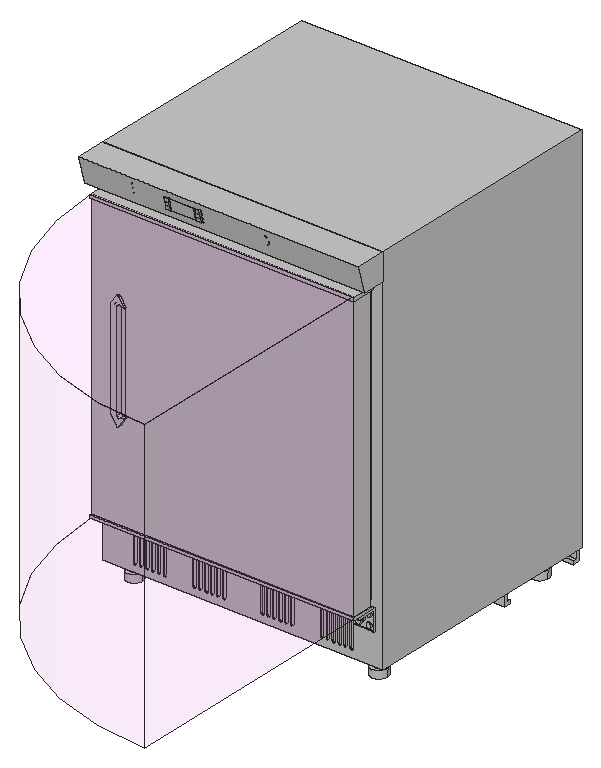
Revit family "QF_Kelvinator_738323_KCHUC23R_1-Solid_Door_ADA_Height_Under_Counter_Refrigerator_24_Long", category Specialty Equipment, Revit 2021
Family settings
  Round Connector Dimension = Use Diameter
  Part Type = Normal
  Work Plane-Based = No
  Always vertical = Yes
  Cut with Voids When Loaded = No
  Shared = No
  Room Calculation Point = No
Parameters
  Weight in Pounds = 92.594
  Watts = 200 W
  Volts = 115 V
  URL Cutsheet = ""
  Specification by User = ""
  Specification by Manufacturer = ""
  Serial Number = ""
  Seismic Rating = ""
  SMACNA No = ""
  Revision Code = ""
  Refrigerant Type = "R600a"
  Phase = 1
  Number of Poles = 1
  NAFEM Spec ID Number = ""
  Model = "738323 (KCHUC23R)"
  Min Ckt Ampacity = 0 A
  Max Overcurrent Protection = 0 A
  Masterspec = ""
  Manufacturer = "Kelvinator Commercial"
  Length = 23.622"
  Item Number = "738323"
  Installed By = ""
  Identify Quantity as Lot = yes
  Height = 33.03125"
  HP = "1/12"
  Furnished By = ""
  Foodservice Equipment Identifier = yes
  FL Amps = 2 A
  Electrical Remarks = ""
  Electric Connection Type = ""
  Elec Conn RI Height = 0.000"
  Elec Conn Connection Height = 0.000"
  Description = "1_Solid Door ADA Height Under Counter Refrigerator 24\" Long"
  Depth = 23.425"
  Default Elevation = 0.000"
  Cycle = 60 Hz
  Conn Plug = "5-15P"
  Conn Conduit = yes
  CSI MasterFormat = ""
  Apparent Power = 0 VA
Reference planes (in)
  plane 1 "BACK": y = 0
  plane 2: z = 0
  plane 3 "LEFT": x = 0
  plane 4 "RIGHT": x = 23.622
  plane 5 "FRONT": y = -23.425
  plane 6 "TOP": z = 33.03125
  plane 7 "Center Y": x = 11.811
  plane 8 "Center X": y = -11.7125
Dimensions and locks (in)
  equal spacing: plane 3 "LEFT", plane 7 "Center Y", plane 4 "RIGHT"
  "Length": plane 3 "LEFT" to plane 4 "RIGHT"
  equal spacing: plane 5 "FRONT", plane 8 "Center X", plane 1 "BACK"
  "Depth": plane 5 "FRONT" to plane 1 "BACK"
  "Height": plane 6 "TOP" to level
  aligned and locked: level to plane 2
Nested families (in)
  nested 1: "KCHRI25R1DRE" at (0, 0, 0), type "KCHRI25R1DRE"
    with Show Clearance yes
Connectors (in)
  electrical at (11.8125, 0.13, 2.5), driven by "Volts", driven by "Watts"
    settings: on nested 1, index 1, voltage 115 V, apparent load 200 VA, apparent load phase1 0 VA, apparent load phase2 0 VA, apparent load phase3 0 VA, power factor 1, load classification "Other", number of poles 1, system type 30, power factor state 1, is connector primary yes, connector utility no, sub classification motor no, connector description ""
Definition of nested family "KCHRI25R1DRE"
  Parameters (values of type "KCHRI25R1DRE")
    Weight in Pounds = 0
    URL Cutsheet = ""
    Specification by User = ""
    Specification by Manufacturer = ""
    Show Clearance [instance] = yes
    Serial Number = ""
    Seismic Rating = ""
    SMACNA No = ""
    Revision Code = ""
    NAFEM Spec ID Number = ""
    Masterspec = ""
    Length = 23.622"
    Item Number = ""
    Installed By = ""
    Identify Quantity as Lot = yes
    Height = 33.03125"
    Furnished By = ""
    Foodservice Equipment Identifier = yes
    Depth = 23.425"
    Default Elevation = 0.000"
    CSI MasterFormat = ""
  Reference planes (in)
    plane 1 "BACK": y = 0
    plane 2: z = 0
    plane 3 "LEFT": x = 0
    plane 4 "RIGHT": x = 23.622
    plane 5 "FRONT": y = -23.425
    plane 6 "TOP": z = 33.03125
    plane 7 "Center Y": x = 11.811
    plane 8 "Center X": y = -11.7125
    plane 9: y = -45.07
    plane 10: z = 30.79125
    plane 11: z = 2
    plane 12: y = -20.9
    plane 13: through (0, -24.0379, 35.3373) normal (0, 0.9659, 0.2588)
  Forms (in)
    Extrusion 1, solid
      sketch origin (0, 0, 0) x (0, 1, 0) y (0, 0, 1)
        loop
          line (-20.9, 33.03125) -> (-20.9, 1.5) -> (0, 1.5) -> (0, 33.03125) -> (-20.9, 33.03125)
      from 0 to 23.625
    Extrusion 2, solid
      sketch origin (0, -24.06217, 35.42785) x (0, -0.258819, 0.965926) y (1, 0, 0)
        loop
          line (-3.01321, 6.99599) -> (-3.01321, 10.1456) -> (-4.19431, 10.1456) -> (-4.19431, 6.99599) -> (-3.01321, 6.99599)
        loop
          line (-3.08986, 7.07473) -> (-3.08986, 7.46843) -> (-3.409, 7.46843) -> (-3.409, 7.07473) -> (-3.08986, 7.07473)
        loop
          line (-3.44419, 7.07473) -> (-3.44419, 7.46843) -> (-3.76333, 7.46843) -> (-3.76333, 7.07473) -> (-3.44419, 7.07473)
        loop
          line (-3.79852, 7.07473) -> (-3.79852, 7.46843) -> (-4.11766, 7.46843) -> (-4.11766, 7.07473) -> (-3.79852, 7.07473)
        loop
          line (-3.08986, 10.06686) -> (-3.409, 10.06686) -> (-3.409, 9.67316) -> (-3.08986, 9.67316) -> (-3.08986, 10.06686)
        loop
          line (-3.44419, 10.06686) -> (-3.76333, 10.06686) -> (-3.76333, 9.67316) -> (-3.44419, 9.67316) -> (-3.44419, 10.06686)
        loop
          line (-3.79852, 10.06686) -> (-4.11766, 10.06686) -> (-4.11766, 9.67316) -> (-3.79852, 9.67316) -> (-3.79852, 10.06686)
        loop
          line (-3.08986, 7.54592) -> (-3.08986, 9.59567) -> (-4.11377, 9.59567) -> (-4.11377, 7.54592) -> (-3.08986, 7.54592)
      from 0.07874 to -0.04602
    Extrusion 3, solid
      sketch origin (0, -24.06217, 35.42785) x (0, -0.258819, 0.965926) y (1, 0, 0)
        loop
          line (-3.08986, 9.67316) -> (-3.08986, 10.06686) -> (-3.409, 10.06686) -> (-3.409, 9.67316) -> (-3.08986, 9.67316)
        loop
          line (-3.44419, 9.67316) -> (-3.44419, 10.06686) -> (-3.76333, 10.06686) -> (-3.76333, 9.67316) -> (-3.44419, 9.67316)
        loop
          line (-3.79852, 9.67316) -> (-3.79852, 10.06686) -> (-4.11766, 10.06686) -> (-4.11766, 9.67316) -> (-3.79852, 9.67316)
        loop
          line (-3.08986, 7.46843) -> (-3.409, 7.46843) -> (-3.409, 7.07473) -> (-3.08986, 7.07473) -> (-3.08986, 7.46843)
        loop
          line (-3.44419, 7.46843) -> (-3.76333, 7.46843) -> (-3.76333, 7.07473) -> (-3.44419, 7.07473) -> (-3.44419, 7.46843)
        loop
          line (-3.79852, 7.46843) -> (-4.11766, 7.46843) -> (-4.11766, 7.07473) -> (-3.79852, 7.07473) -> (-3.79852, 7.46843)
      from 0 to -0.07874
    Extrusion 4, solid
      sketch origin (0, -24.06217, 35.42785) x (0, -0.258819, 0.965926) y (1, 0, 0)
        loop
          line (-3.08986, 7.54592) -> (-3.08986, 9.59567) -> (-4.11377, 9.59567) -> (-4.11377, 7.54592) -> (-3.08986, 7.54592)
      from 0 to -0.07874
    Extrusion 5, void
      sketch origin (0, -24.06217, 35.42785) x (0, 0.258819, -0.965926) y (1, 0, 0)
        loop
          line (3.01321, 6.99599) -> (4.19431, 6.99599) -> (4.19431, 10.1456) -> (3.01321, 10.1456) -> (3.01321, 6.99599)
      from 0 to 0.07874
    Extrusion 6, solid
      sketch origin (0, 0, -4.4425) x (0, 1, 0) y (0, 0, 1)
        loop
          line (-20.9, 37.47375) -> (-23.425, 37.47375) -> (-22.82479, 35.23375) -> (-20.9, 35.23375) -> (-20.9, 37.47375)
      from 0 to 23.625
    Extrusion 7, solid
      sketch origin (0, -24.06217, 35.42785) x (0, -0.258819, 0.965926) y (1, 0, 0)
        loop
          line (-2.96796, 3.80686) -> (-2.96796, 4.30686) -> (-4.21796, 4.30686) -> (-4.21796, 3.80686) -> (-2.96796, 3.80686)
        loop
          circle (-3.51997, 15.27975) r 0.5
      from 0 to 0.06
    Extrusion 8, void
      sketch origin (0, -20.9, 1.75) x (0, 0, -1) y (-1, 0, 0)
        loop
          line (-0.5, -2.59375) -> (-3.3125, -2.59375)
          arc (-3.3125, -2.59375) -> (-3.4751, -2.75635) -> (-3.3125, -2.91894) r 0.1626
          line (-3.3125, -2.91894) -> (-0.5, -2.91894)
          arc (-0.5, -2.91894) -> (-0.3374, -2.75635) -> (-0.5, -2.59375) r 0.1626
        loop
          line (-0.5, -3.09225) -> (-3.3125, -3.09225)
          arc (-3.3125, -3.09225) -> (-3.47585, -3.2556) -> (-3.3125, -3.41894) r 0.16335
          line (-3.3125, -3.41894) -> (-0.5, -3.41894)
          arc (-0.5, -3.41894) -> (-0.33665, -3.2556) -> (-0.5, -3.09225) r 0.16335
        loop
          line (-0.5, -3.59225) -> (-3.3125, -3.59225)
          arc (-3.3125, -3.59225) -> (-3.47585, -3.7556) -> (-3.3125, -3.91894) r 0.16335
          line (-3.3125, -3.91894) -> (-0.5, -3.91894)
          arc (-0.5, -3.91894) -> (-0.33665, -3.7556) -> (-0.5, -3.59225) r 0.16335
        loop
          line (-0.5, -4.09225) -> (-3.3125, -4.09225)
          arc (-3.3125, -4.09225) -> (-3.47585, -4.2556) -> (-3.3125, -4.41894) r 0.16335
          line (-3.3125, -4.41894) -> (-0.5, -4.41894)
          arc (-0.5, -4.41894) -> (-0.33665, -4.2556) -> (-0.5, -4.09225) r 0.16335
        loop
          line (-0.5, -4.59225) -> (-3.3125, -4.59225)
          arc (-3.3125, -4.59225) -> (-3.47585, -4.7556) -> (-3.3125, -4.91894) r 0.16335
          line (-3.3125, -4.91894) -> (-0.5, -4.91894)
          arc (-0.5, -4.91894) -> (-0.33665, -4.7556) -> (-0.5, -4.59225) r 0.16335
        loop
          line (-0.5, -5.09225) -> (-3.3125, -5.09225)
          arc (-3.3125, -5.09225) -> (-3.47585, -5.2556) -> (-3.3125, -5.41894) r 0.16335
          line (-3.3125, -5.41894) -> (-0.5, -5.41894)
          arc (-0.5, -5.41894) -> (-0.33665, -5.2556) -> (-0.5, -5.09225) r 0.16335
        loop
          line (-0.5, -7.59225) -> (-3.3125, -7.59225)
          arc (-3.3125, -7.59225) -> (-3.47585, -7.7556) -> (-3.3125, -7.91894) r 0.16335
          line (-3.3125, -7.91894) -> (-0.5, -7.91894)
          arc (-0.5, -7.91894) -> (-0.33665, -7.7556) -> (-0.5, -7.59225) r 0.16335
        loop
          line (-0.5, -8.09225) -> (-3.3125, -8.09225)
          arc (-3.3125, -8.09225) -> (-3.47585, -8.2556) -> (-3.3125, -8.41894) r 0.16335
          line (-3.3125, -8.41894) -> (-0.5, -8.41894)
          arc (-0.5, -8.41894) -> (-0.33665, -8.2556) -> (-0.5, -8.09225) r 0.16335
        loop
          line (-0.5, -8.59225) -> (-3.3125, -8.59225)
          arc (-3.3125, -8.59225) -> (-3.47585, -8.7556) -> (-3.3125, -8.91894) r 0.16335
          line (-3.3125, -8.91894) -> (-0.5, -8.91894)
          arc (-0.5, -8.91894) -> (-0.33665, -8.7556) -> (-0.5, -8.59225) r 0.16335
        loop
          line (-0.5, -9.09225) -> (-3.3125, -9.09225)
          arc (-3.3125, -9.09225) -> (-3.47585, -9.2556) -> (-3.3125, -9.41894) r 0.16335
          line (-3.3125, -9.41894) -> (-0.5, -9.41894)
          arc (-0.5, -9.41894) -> (-0.33665, -9.2556) -> (-0.5, -9.09225) r 0.16335
        loop
          line (-0.5, -9.59225) -> (-3.3125, -9.59225)
          arc (-3.3125, -9.59225) -> (-3.47585, -9.7556) -> (-3.3125, -9.91894) r 0.16335
          line (-3.3125, -9.91894) -> (-0.5, -9.91894)
          arc (-0.5, -9.91894) -> (-0.33665, -9.7556) -> (-0.5, -9.59225) r 0.16335
        loop
          line (-0.5, -10.09225) -> (-3.3125, -10.09225)
          arc (-3.3125, -10.09225) -> (-3.47585, -10.2556) -> (-3.3125, -10.41894) r 0.16335
          line (-3.3125, -10.41894) -> (-0.5, -10.41894)
          arc (-0.5, -10.41894) -> (-0.33665, -10.2556) -> (-0.5, -10.09225) r 0.16335
        loop
          arc (-0.5, -21.15475) -> (-0.33665, -20.9914) -> (-0.5, -20.82806) r 0.16335
          line (-0.5, -20.82806) -> (-3.3125, -20.82806)
          arc (-3.3125, -20.82806) -> (-3.47585, -20.9914) -> (-3.3125, -21.15475) r 0.16335
          line (-3.3125, -21.15475) -> (-0.5, -21.15475)
        loop
          arc (-0.5, -20.65475) -> (-0.33665, -20.4914) -> (-0.5, -20.32806) r 0.16335
          line (-0.5, -20.32806) -> (-3.3125, -20.32806)
          arc (-3.3125, -20.32806) -> (-3.47585, -20.4914) -> (-3.3125, -20.65475) r 0.16335
          line (-3.3125, -20.65475) -> (-0.5, -20.65475)
        loop
          arc (-0.5, -20.15475) -> (-0.33665, -19.9914) -> (-0.5, -19.82806) r 0.16335
          line (-0.5, -19.82806) -> (-3.3125, -19.82806)
          arc (-3.3125, -19.82806) -> (-3.47585, -19.9914) -> (-3.3125, -20.15475) r 0.16335
          line (-3.3125, -20.15475) -> (-0.5, -20.15475)
        loop
          arc (-0.5, -19.65475) -> (-0.33665, -19.4914) -> (-0.5, -19.32806) r 0.16335
          line (-0.5, -19.32806) -> (-3.3125, -19.32806)
          arc (-3.3125, -19.32806) -> (-3.47585, -19.4914) -> (-3.3125, -19.65475) r 0.16335
          line (-3.3125, -19.65475) -> (-0.5, -19.65475)
        loop
          arc (-0.5, -19.15475) -> (-0.33665, -18.9914) -> (-0.5, -18.82806) r 0.16335
          line (-0.5, -18.82806) -> (-3.3125, -18.82806)
          arc (-3.3125, -18.82806) -> (-3.47585, -18.9914) -> (-3.3125, -19.15475) r 0.16335
          line (-3.3125, -19.15475) -> (-0.5, -19.15475)
        loop
          arc (-0.5, -18.65475) -> (-0.33665, -18.4914) -> (-0.5, -18.32806) r 0.16335
          line (-0.5, -18.32806) -> (-3.3125, -18.32806)
          arc (-3.3125, -18.32806) -> (-3.47585, -18.4914) -> (-3.3125, -18.65475) r 0.16335
          line (-3.3125, -18.65475) -> (-0.5, -18.65475)
        loop
          arc (-0.5, -16.15475) -> (-0.33665, -15.9914) -> (-0.5, -15.82806) r 0.16335
          line (-0.5, -15.82806) -> (-3.3125, -15.82806)
          arc (-3.3125, -15.82806) -> (-3.47585, -15.9914) -> (-3.3125, -16.15475) r 0.16335
          line (-3.3125, -16.15475) -> (-0.5, -16.15475)
        loop
          arc (-0.5, -15.65475) -> (-0.33665, -15.4914) -> (-0.5, -15.32806) r 0.16335
          line (-0.5, -15.32806) -> (-3.3125, -15.32806)
          arc (-3.3125, -15.32806) -> (-3.47585, -15.4914) -> (-3.3125, -15.65475) r 0.16335
          line (-3.3125, -15.65475) -> (-0.5, -15.65475)
        loop
          arc (-0.5, -15.15475) -> (-0.33665, -14.9914) -> (-0.5, -14.82806) r 0.16335
          line (-0.5, -14.82806) -> (-3.3125, -14.82806)
          arc (-3.3125, -14.82806) -> (-3.47585, -14.9914) -> (-3.3125, -15.15475) r 0.16335
          line (-3.3125, -15.15475) -> (-0.5, -15.15475)
        loop
          arc (-0.5, -14.65475) -> (-0.33665, -14.4914) -> (-0.5, -14.32806) r 0.16335
          line (-0.5, -14.32806) -> (-3.3125, -14.32806)
          arc (-3.3125, -14.32806) -> (-3.47585, -14.4914) -> (-3.3125, -14.65475) r 0.16335
          line (-3.3125, -14.65475) -> (-0.5, -14.65475)
        loop
          arc (-0.5, -14.15475) -> (-0.33665, -13.9914) -> (-0.5, -13.82806) r 0.16335
          line (-0.5, -13.82806) -> (-3.3125, -13.82806)
          arc (-3.3125, -13.82806) -> (-3.47585, -13.9914) -> (-3.3125, -14.15475) r 0.16335
          line (-3.3125, -14.15475) -> (-0.5, -14.15475)
        loop
          arc (-0.5, -13.65475) -> (-0.33665, -13.4914) -> (-0.5, -13.32806) r 0.16335
          line (-0.5, -13.32806) -> (-3.3125, -13.32806)
          arc (-3.3125, -13.32806) -> (-3.47585, -13.4914) -> (-3.3125, -13.65475) r 0.16335
          line (-3.3125, -13.65475) -> (-0.5, -13.65475)
      from 0 to 0.03
    Extrusion 9, solid
      sketch origin (0, 0, 0) x (0, 1, 0) y (0, 0, 1)
        loop
          line (-0.25, 1.5) -> (-0.55, 1.5) -> (-0.55, 0.9) -> (-0.85, 0.9) -> (-0.85, 0.6) -> (-0.25, 0.6) -> (-0.25, 1.5)
        loop
          line (-8.14417, 1.5) -> (-8.14417, 0.6) -> (-7.54417, 0.6) -> (-7.54417, 0.9) -> (-7.84417, 0.9) -> (-7.84417, 1.5) -> (-8.14417, 1.5)
      from 0 to 23.622
    Extrusion 10, solid
      sketch origin (11.811, 6.90541, 48.75) x (0, 1, 0) y (0, 0, 1)
        loop
          line (-28.19541, -18.96875) -> (-28.19541, -42.37723) -> (-27.80541, -42.37723) -> (-27.80541, -18.96875) -> (-28.19541, -18.96875)
      from -10.75 to 10.75
    Extrusion 11, solid
      sketch origin (23.225, -180, 5.74631) x (0, 0, 1) y (0, -1, 0)
        loop
          arc (0.13369, -157.44253) -> (0.06869, -157.37753) -> (0.00369, -157.44253) r 0.065
          line (0.00369, -157.44253) -> (0.00369, -158.97) -> (-1.53049, -158.97)
          arc (-1.53049, -158.97) -> (-1.59549, -159.035) -> (-1.53049, -159.1) r 0.065
          line (-1.53049, -159.1) -> (0.13369, -159.1) -> (0.13369, -157.44253)
      from -0.28875 to -1.93696
    Extrusion 12, solid
      sketch origin (23.225, -21.03, 5.88) x (0, 0, -1) y (1, 0, 0)
        loop
          circle (0.48805, -0.65854) r 0.19641
        loop
          circle (0.48805, -1.51195) r 0.2
        loop
          circle (1.33739, -0.65854) r 0.2
        loop
          circle (1.33739, -1.51195) r 0.2
        loop
          line (1.13, -1.16094) -> (1.13, -1.06477) -> (0.13, -1.06477) -> (0.13, -1.16094) -> (1.13, -1.16094)
      from 0 to 0.0825
    Extrusion 13, solid
      sketch origin (0, -20.9, 2.25) x (0, 0, 1) y (-1, 0, 0)
        loop
          circle (3.14195, -1.05854) r 0.19641
        loop
          circle (3.14195, -1.91195) r 0.2
        loop
          circle (2.29261, -1.05854) r 0.2
        loop
          circle (2.29261, -1.91195) r 0.2
      from 0 to 0.0825
    Revolve 14, solid
      sketch origin (0, -19.42, 1.5) x (0, 0, 1) y (1, 0, 0)
        loop
          line (0, 22.122) -> (0, 22.4345) -> (-0.9, 22.4345) -> (-0.9, 22.8095) -> (-1.5, 22.8095) -> (-1.5, 22.122) -> (0, 22.122)
        axis (-1.5, 22.122) -> (0, 22.122)
      angle from 0 to 360
    Revolve 15, solid
      sketch origin (23.625, -19.42, 1.5) x (0, 0, 1) y (1, 0, 0)
        loop
          line (0, -22.125) -> (-1.5, -22.125) -> (-1.5, -22.8125) -> (-0.9, -22.8125) -> (-0.9, -22.4375) -> (0, -22.4375) -> (0, -22.125)
        axis (-1.5, -22.125) -> (0, -22.125)
      angle from 0 to 360
    Revolve 16, solid
      sketch origin (0, -2.5, 1.5) x (0, 0, 1) y (-1, 0, 0)
        loop
          line (0, -22.122) -> (-1.5, -22.122) -> (-1.5, -22.8095) -> (-0.9, -22.8095) -> (-0.9, -22.4345) -> (0, -22.4345) -> (0, -22.122)
        axis (-1.5, -22.122) -> (0, -22.122)
      angle from 0 to 360
    Revolve 17, solid
      sketch origin (23.625, -2.5, 1.5) x (0, 0, 1) y (-1, 0, 0)
        loop
          line (0, 22.125) -> (0, 22.4375) -> (-0.9, 22.4375) -> (-0.9, 22.8125) -> (-1.5, 22.8125) -> (-1.5, 22.125) -> (0, 22.125)
        axis (-1.5, 22.125) -> (0, 22.125)
      angle from 0 to 360
    Extrusion 18, solid
      sketch origin (0, 0, 33.03125) x (0, 0, -1) y (-1, 0, 0)
        loop
          circle (30.53125, -11.8125) r 0.25
      from 0 to 0.13
  Cuts and joins
    Extrusion 5 cuts Extrusion 2
    Extrusion 8 cuts Extrusion 6
    Extrusion 8 cuts Extrusion 1
  Lines and regions (in)
    symbolic lines
      curve 1: line (0, -23.425, 0) -> (0, 0, 0)
      curve 2: line (23.622, 0, 0) -> (0, 0, 0)
      curve 3: line (23.622, -23.425, 0) -> (23.622, 0, 0)
      curve 4: line (23.622, -20.9, 0) -> (0, -20.9, 0)
      curve 5: line (0, -23.425, 0) -> (23.622, -23.425, 0)
      curve 6: line (3.80686, -23.485, 0) -> (4.30686, -23.485, 0)
      curve 7: line (4.30686, -23.485, 0) -> (4.30686, -23.425, 0)
      curve 8: line (3.80686, -23.485, 0) -> (3.80686, -23.425, 0)
      curve 9: line (6.65374, -23.47102, 0) -> (9.80185, -23.47102, 0)
      curve 10: line (9.80185, -23.47102, 0) -> (9.80185, -23.425, 0)
      curve 11: line (6.65374, -23.47102, 0) -> (6.65374, -23.425, 0)
      curve 12: line (11.311, -23.485, 0) -> (12.311, -23.485, 0)
      curve 13: line (12.311, -23.485, 0) -> (12.311, -23.425, 0)
      curve 14: line (11.311, -23.485, 0) -> (11.311, -23.425, 0)
  Dimensions and locks (in)
    equal spacing: plane 3 "LEFT", plane 7 "Center Y", plane 4 "RIGHT"
    "Length": plane 3 "LEFT" to plane 4 "RIGHT"
    equal spacing: plane 5 "FRONT", plane 8 "Center X", plane 1 "BACK"
    "Depth": plane 5 "FRONT" to plane 1 "BACK"
    "Height": plane 6 "TOP" to level
    plane 9 to plane 1 "BACK" = 45.070"
    plane 6 "TOP" to level = 33.03125"
    plane 3 "LEFT" to plane 4 "RIGHT" = 23.622"
    plane 5 "FRONT" to plane 1 "BACK" = 23.425"
    plane 12 to plane 1 "BACK" = 20.900"
    aligned and locked: level to plane 2
    aligned and locked: Extrusion 9 to plane 4 "RIGHT"
    aligned and locked: plane 13 to cut or joined group of Extrusion 6, Extrusion 8
  Automatic sketch dimensions
    Extrusion 1 sketch curve to plane 12 = 0.000"
    Extrusion 1 sketch curve to plane 1 "BACK" = 0.000"
    Extrusion 1 sketch curve to plane 6 "TOP" = 0.000"
    level to Extrusion 1 sketch curve = 1.500"
    Extrusion 2 sketch curve to plane 7 "Center Y" = 4.81501"
    Extrusion 2 sketch curve to Extrusion 2 sketch curve = 0.07665"  (x3)
    Extrusion 2 sketch curve to Extrusion 2 sketch curve = 0.00389"
    Extrusion 2 sketch curve to Extrusion 2 sketch curve = 0.31914"  (x6)
    Extrusion 2 sketch curve to Extrusion 2 sketch curve = 0.03519"  (x4)
    Extrusion 2 sketch curve to Extrusion 2 sketch curve = 0.000"  (x7)
    Extrusion 2 sketch curve to Extrusion 2 sketch curve = 0.07874"  (x3)
    Extrusion 2 sketch curve to Extrusion 2 sketch curve = 0.3937"  (x2)
    Extrusion 2 sketch curve to Extrusion 2 sketch curve = 0.07748"  (x3)
    Extrusion 2 sketch curve to Extrusion 2 sketch curve = 2.04976"
    Extrusion 3 sketch curve to plane 7 "Center Y" = 4.73627"
    Extrusion 3 sketch curve to Extrusion 3 sketch curve = 0.000"  (x9)
    Extrusion 3 sketch curve to Extrusion 3 sketch curve = 0.31914"  (x6)
    Extrusion 3 sketch curve to Extrusion 3 sketch curve = 0.03519"  (x4)
    Extrusion 3 sketch curve to Extrusion 3 sketch curve = 0.3937"  (x2)
    Extrusion 3 sketch curve to plane 7 "Center Y" = 2.13784"
    Extrusion 4 sketch curve to plane 7 "Center Y" = 4.26508"
    Extrusion 4 sketch curve to Extrusion 4 sketch curve = 1.02391"
    Extrusion 4 sketch curve to Extrusion 4 sketch curve = 2.04976"
    Extrusion 5 sketch curve to plane 7 "Center Y" = 1.6654"
    Extrusion 5 sketch curve to Extrusion 5 sketch curve = 1.1811"
    Extrusion 5 sketch curve to Extrusion 5 sketch curve = 3.14961"
    plane 3 "LEFT" to Extrusion 7 sketch curve = 4.30686"
    plane 7 "Center Y" to Extrusion 7 sketch curve = 3.46875"
    Extrusion 7 sketch curve to Extrusion 7 sketch curve = 0.69799"
    Extrusion 7 sketch curve to Extrusion 7 sketch curve = 1.250"
    Extrusion 7 sketch curve to Extrusion 7 sketch curve = 0.500"
    plane 3 "LEFT" to Extrusion 8 sketch curve = 2.59375"
    level to Extrusion 8 sketch curve = 5.0625"  (x2)
    plane 7 "Center Y" to Extrusion 8 sketch curve = 1.6804"
    Extrusion 8 sketch curve to Extrusion 8 sketch curve = 0.000"  (x42)
    Extrusion 8 sketch curve to Extrusion 8 sketch curve = 2.8125"  (x4)
    Extrusion 8 sketch curve to Extrusion 8 sketch curve = 0.16335"  (x23)
    Extrusion 8 sketch curve to Extrusion 8 sketch curve = 0.17331"  (x20)
    Extrusion 8 sketch curve to Extrusion 8 sketch curve = 2.17331"  (x2)
    Extrusion 8 sketch curve to plane 7 "Center Y" = 1.39206"
    level to Extrusion 9 sketch curve = 1.500"  (x2)
    plane 8 "Center X" to Extrusion 9 sketch curve = 3.56833"
    Extrusion 9 sketch curve to Extrusion 9 sketch curve = 0.300"  (x5)
    plane 1 "BACK" to Extrusion 9 sketch curve = 0.850"
    plane 1 "BACK" to Extrusion 9 sketch curve = 0.250"
    Extrusion 9 sketch curve to Extrusion 9 sketch curve = 0.600"  (x2)
    Extrusion 10 sketch curve to plane 12 = 0.000"
    Extrusion 10 sketch curve to Extrusion 10 sketch curve = 0.390"
    level to Extrusion 10 sketch curve = 6.37277"
    Extrusion 10 sketch curve to plane 6 "TOP" = 3.250"
    Extrusion 11 sketch curve to plane 12 = 0.000"
    Extrusion 11 sketch curve to plane 12 = 0.130"
    level to Extrusion 11 sketch curve = 4.21581"
    Extrusion 11 sketch curve to Extrusion 11 sketch curve = 1.53419"
    Extrusion 11 sketch curve to Extrusion 11 sketch curve = 0.065"
    Extrusion 11 sketch curve to plane 5 "FRONT" = 0.86753"
    Extrusion 12 sketch curve to Extrusion 11 = 0.000"
    Extrusion 11 to Extrusion 12 sketch curve = 0.35805"  (x2)
    Extrusion 12 sketch curve to Extrusion 11 = 0.53419"
    Extrusion 12 sketch curve to Extrusion 11 = 0.3268"  (x2)
    Extrusion 11 to Extrusion 12 sketch curve = 0.42502"  (x2)
    Extrusion 12 sketch curve to Extrusion 12 sketch curve = 0.351"
    Extrusion 12 sketch curve to Extrusion 12 sketch curve = 0.09617"
    Extrusion 11 to Extrusion 12 sketch curve = 0.36979"  (x2)
    Extrusion 1 to Extrusion 13 sketch curve = 1.05854"
    Extrusion 13 sketch curve to Extrusion 1 = 3.04261"
    Extrusion 13 sketch curve to Extrusion 13 sketch curve = 0.000"  (x3)
    Extrusion 13 sketch curve to Extrusion 13 sketch curve = 0.84934"  (x2)
    Extrusion 13 sketch curve to Extrusion 13 sketch curve = 0.8534"
    Revolve 14 sketch curve to level = 0.000"  (x2)
    level to Revolve 14 sketch curve = 0.600"
    Revolve 14 sketch curve to Revolve 14 sketch curve = 0.900"
    plane 4 "RIGHT" to Revolve 14 sketch curve = 1.500"
    Revolve 14 sketch curve to Revolve 14 sketch curve = 0.3125"
    Revolve 14 sketch curve to Revolve 14 sketch curve = 0.6875"
    Revolve 14 sketch curve to Revolve 14 sketch curve = 0.36907"
    Revolve 14 sketch curve to Revolve 14 sketch curve = 0.000"
    Revolve 15 sketch curve to level = 0.000"  (x2)
    level to Revolve 15 sketch curve = 0.600"
    Revolve 15 sketch curve to Revolve 15 sketch curve = 0.900"
    plane 3 "LEFT" to Revolve 15 sketch curve = 0.8125"
    Revolve 15 sketch curve to Revolve 15 sketch curve = 0.375"
    Revolve 15 sketch curve to Revolve 15 sketch curve = 0.3125"
    Revolve 15 sketch curve to Revolve 15 sketch curve = 0.36907"
    Revolve 15 sketch curve to Revolve 15 sketch curve = 0.000"
    Revolve 16 sketch curve to level = 0.000"  (x2)
    level to Revolve 16 sketch curve = 0.600"
    Revolve 16 sketch curve to Revolve 16 sketch curve = 0.900"
    plane 4 "RIGHT" to Revolve 16 sketch curve = 0.8125"
    Revolve 16 sketch curve to Revolve 16 sketch curve = 0.375"
    Revolve 16 sketch curve to Revolve 16 sketch curve = 0.3125"
    Revolve 16 sketch curve to Revolve 16 sketch curve = 0.36907"
    Revolve 16 sketch curve to Revolve 16 sketch curve = 0.000"
    Revolve 17 sketch curve to level = 0.000"  (x2)
    level to Revolve 17 sketch curve = 0.600"
    Revolve 17 sketch curve to Revolve 17 sketch curve = 0.900"
    plane 3 "LEFT" to Revolve 17 sketch curve = 1.500"
    Revolve 17 sketch curve to Revolve 17 sketch curve = 0.3125"
    Revolve 17 sketch curve to Revolve 17 sketch curve = 0.6875"
    Revolve 17 sketch curve to Revolve 17 sketch curve = 0.36907"
    Revolve 17 sketch curve to Revolve 17 sketch curve = 0.000"
    plane 1 "BACK" to curve 1 = 0.000"
    curve 1 to plane 3 "LEFT" = 0.000"
    plane 5 "FRONT" to curve 8 = 0.000"
    curve 3 to plane 4 "RIGHT" = 0.000"
    curve 4 to plane 12 = 0.000"
    plane 5 "FRONT" to curve 6 = 0.060"
    plane 3 "LEFT" to curve 6 = 3.80686"
    curve 6 to curve 7 = 0.500"
    plane 5 "FRONT" to curve 9 = 0.04602"
    curve 6 to curve 9 = 2.34688"
    curve 10 to plane 7 "Center Y" = 2.00915"
    plane 5 "FRONT" to curve 14 = 0.060"
    curve 14 to plane 7 "Center Y" = 0.500"
    plane 7 "Center Y" to curve 13 = 0.500"
    Extrusion 6 sketch curve to plane 5 "FRONT" = 0.000"
    Extrusion 6 sketch curve to plane 10 = 0.000"
    Extrusion 6 sketch curve to plane 6 "TOP" = 0.000"
    Extrusion 6 sketch curve to plane 12 = 0.000"
    Extrusion 6 sketch curve to plane 5 "FRONT" = 0.60021"
    Extrusion 1 to Extrusion 18 sketch curve = 1.000"
    Extrusion 1 to Extrusion 18 sketch curve = 11.8125"
    radius of Extrusion 7 sketch curve = 0.500"
    radius of Extrusion 12 sketch curve = 0.19641"
    radius of Extrusion 12 sketch curve = 0.200"  (x3)
    radius of Extrusion 13 sketch curve = 0.19641"
    radius of Extrusion 13 sketch curve = 0.200"  (x3)
    radius of Extrusion 18 sketch curve = 0.250"
  Nested families (in)
    nested 1: "Family4" at (0.7825, -21.29, 5.88), Show Clearance <- "Show Clearance", type "Family4"
  Definition of nested family "Family4"
    Parameters (values of type "Family4")
      Weight in Pounds = 0
      URL Cutsheet = ""
      Specification by User = ""
      Specification by Manufacturer = ""
      Show Clearance [instance] = yes
      Serial Number = ""
      Seismic Rating = ""
      SMACNA No = ""
      Revision Code = ""
      NAFEM Spec ID Number = ""
      Masterspec = ""
      Length = 22.060"
      Item Number = ""
      Installed By = ""
      Identify Quantity as Lot = yes
      Height = 24.39844"
      Furnished By = ""
      Foodservice Equipment Identifier = yes
      Depth = 1.720"
      Default Elevation = 0.000"
      CSI MasterFormat = ""
    Reference planes (in)
      plane 1 "BACK": y = 0
      plane 2: z = 0
      plane 3 "LEFT": x = 0
      plane 4 "RIGHT": x = 22.06
      plane 5 "FRONT": y = -1.72
      plane 6 "TOP": z = 24.39844
      plane 7 "Center Y": x = 11.03
      plane 8 "Center X": y = -0.86
      plane 9: y = -2.27
    Forms (in)
      Extrusion 1, solid
        sketch origin (0, 0, 0) x (1, 0, 0) y (0, 0, 1)
          loop
            line (0, 24.39844) -> (0, 0) -> (22.06, 0) -> (22.06, 24.39844) -> (0, 24.39844)
        from 0 to 1.72
      Extrusion 2, void
        sketch origin (0, -1.72, -17.62578) x (-1, 0, 0) y (0, 0, 1)
          loop
            line (-1.94791, 26.10318) -> (-1.94791, 34.45318) -> (-2.28604, 34.99418)
            arc (-2.28604, 34.99418) -> (-2.38541, 35.04926) -> (-2.48479, 34.99418) r 0.11719
            line (-2.48479, 34.99418) -> (-2.82291, 34.45318) -> (-2.82291, 26.10318) -> (-2.48621, 25.56446)
            arc (-2.48621, 25.56446) -> (-2.38541, 25.50859) -> (-2.28462, 25.56446) r 0.11887
            line (-2.28462, 25.56446) -> (-1.94791, 26.10318)
        from 0 to 0.31887
      Extrusion 3, solid
        sketch origin (-10.88143, -0.86, 48) x (-1, 0, 0) y (0, 0, 1)
          loop
            line (-10.78768, -23.60156) -> (-33.03518, -23.60156) -> (-33.03518, -23.85156) -> (-10.78768, -23.85156) -> (-10.78768, -23.60156)
          loop
            line (-10.78768, -48) -> (-10.78768, -47.75) -> (-33.03518, -47.75) -> (-33.03518, -48) -> (-10.78768, -48)
        from -1 to 1
      Extrusion 4, solid
        sketch origin (0, -1.40113, -17.62578) x (1, 0, 0) y (0, 0, 1)
          loop
            arc (2.35979, 35.19418) -> (2.26041, 35.24926) -> (2.16104, 35.19418) r 0.11719
            line (2.16104, 35.19418) -> (1.69791, 34.45318) -> (1.69791, 26.10316) -> (2.15961, 25.36448)
            arc (2.15961, 25.36448) -> (2.26037, 25.30863) -> (2.36114, 25.36447) r 0.11884
            line (2.36114, 25.36447) -> (2.82291, 26.10316) -> (2.33995, 25.97375) -> (2.16317, 26.15053) -> (2.16317, 34.40581) -> (2.33995, 34.58259) -> (2.82291, 34.45318) -> (2.35979, 35.19418)
        from 0 to 0.45887
      Extrusion 5, solid, visible <- "Show Clearance"
        sketch origin (0, 0, 0) x (1, 0, 0) y (0, 1, 0)
          loop
            arc (0, -1.72) -> (6.46122, -17.31878) -> (22.06, -23.78) r 22.06
            line (22.06, -23.78) -> (22.06, -1.72) -> (0, -1.72)
        from 0 to 24.39844
    Cuts and joins
      Extrusion 2 cuts Extrusion 1
      joined: Extrusion 1, Extrusion 3
    Lines and regions (in)
      symbolic lines, visible <- "Show Clearance"
        curve 1: arc (0.00686, -2.27, 0) -> (0.86335, -7.83111, 0) -> (3.09883, -12.99465, 0) r 22.06
        curve 2: line (21.13504, -2.27, 0) -> (3.09883, -12.99465, 0)
    Dimensions and locks (in)
      equal spacing: plane 3 "LEFT", plane 7 "Center Y", plane 4 "RIGHT"
      "Length": plane 3 "LEFT" to plane 4 "RIGHT"
      equal spacing: plane 5 "FRONT", plane 8 "Center X", plane 1 "BACK"
      "Depth": plane 5 "FRONT" to plane 1 "BACK"
      "Height": plane 6 "TOP" to level
      plane 4 "RIGHT" to plane 3 "LEFT" = 22.060"
      plane 5 "FRONT" to plane 1 "BACK" = 1.720"
      aligned and locked: level to plane 2
    Automatic sketch dimensions
      Extrusion 1 sketch curve to level = 0.000"
      Extrusion 1 sketch curve to plane 3 "LEFT" = 0.000"
      plane 4 "RIGHT" to Extrusion 1 sketch curve = 0.000"
      Extrusion 1 sketch curve to plane 6 "TOP" = 0.000"
      Extrusion 2 sketch curve to Extrusion 1 = 1.94791"
      Extrusion 2 sketch curve to Extrusion 2 sketch curve = 0.3367"  (x2)
      Extrusion 2 sketch curve to Extrusion 2 sketch curve = 0.33813"
      Extrusion 2 sketch curve to Extrusion 2 sketch curve = 0.1008"  (x2)
      Extrusion 2 sketch curve to Extrusion 2 sketch curve = 0.09937"  (x2)
      Extrusion 2 sketch curve to Extrusion 1 = 7.93868"
      Extrusion 2 sketch curve to Extrusion 2 sketch curve = 0.063"
      Extrusion 2 sketch curve to Extrusion 2 sketch curve = 0.53872"  (x2)
      Extrusion 2 sketch curve to Extrusion 2 sketch curve = 8.350"
      Extrusion 2 sketch curve to Extrusion 2 sketch curve = 0.000"
      Extrusion 2 sketch curve to Extrusion 2 sketch curve = 0.47889"
      Extrusion 2 sketch curve to Extrusion 2 sketch curve = 0.06211"
      Extrusion 3 sketch curve to plane 6 "TOP" = 0.000"
      Extrusion 3 sketch curve to level = 0.000"
      Extrusion 3 sketch curve to plane 4 "RIGHT" = 0.09375"  (x2)
      Extrusion 3 sketch curve to plane 3 "LEFT" = 0.09375"  (x2)
      level to Extrusion 3 sketch curve = 0.250"
      Extrusion 3 sketch curve to Extrusion 3 sketch curve = 0.250"
      Extrusion 2 to Extrusion 4 sketch curve = 0.000"  (x2)
      Extrusion 4 sketch curve to Extrusion 2 = 0.000"  (x2)
      Extrusion 2 to Extrusion 4 sketch curve = 0.41323"
      Extrusion 2 to Extrusion 4 sketch curve = 0.41187"
      Extrusion 2 to Extrusion 4 sketch curve = 0.39204"  (x2)
      Extrusion 4 sketch curve to Extrusion 4 sketch curve = 0.09937"  (x2)
      Extrusion 4 sketch curve to Extrusion 4 sketch curve = 0.10077"  (x2)
      Extrusion 2 to Extrusion 4 sketch curve = 0.21526"
      Extrusion 4 sketch curve to Extrusion 2 = 0.250"
      Extrusion 4 sketch curve to Extrusion 4 sketch curve = 0.04737"  (x4)
      Extrusion 4 sketch curve to Extrusion 4 sketch curve = 8.25528"
      Extrusion 4 sketch curve to Extrusion 4 sketch curve = 0.17678"  (x2)
      Extrusion 4 sketch curve to Extrusion 4 sketch curve = 0.54629"
      Extrusion 4 sketch curve to Extrusion 4 sketch curve = 0.06298"
      Extrusion 4 sketch curve to Extrusion 4 sketch curve = 0.06211"
      Extrusion 5 sketch curve to plane 3 "LEFT" = 0.000"
      Extrusion 5 sketch curve to plane 4 "RIGHT" = 0.000"
      plane 5 "FRONT" to Extrusion 5 sketch curve = 0.000"
      curve 1 to plane 9 = 0.000"
      curve 2 to plane 9 = 0.000"
      curve 1 to plane 4 "RIGHT" = 0.000"
      plane 5 "FRONT" to curve 1 = 0.000"
      plane 3 "LEFT" to curve 2 = 3.09883"
      curve 2 to plane 9 = 10.72465"
      plane 4 "RIGHT" to curve 2 = 0.92496"
